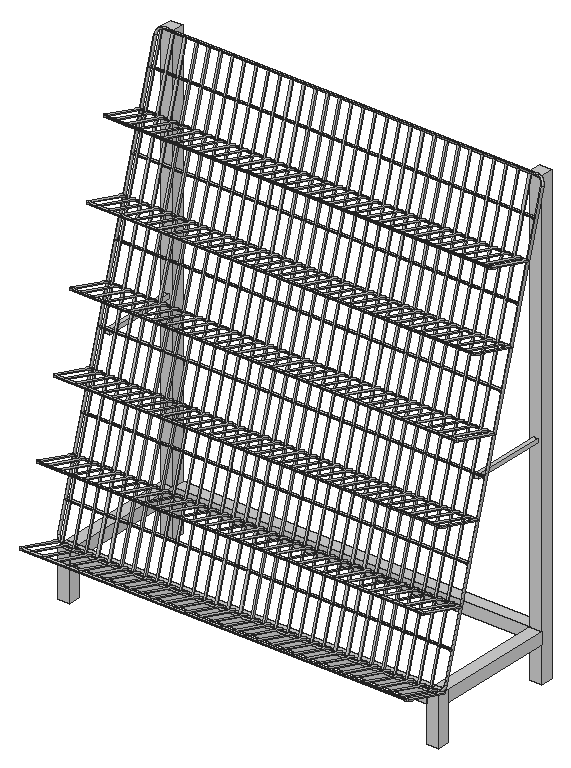
Revit family "DR", category Specialty Equipment, Revit 2012
Parameters (values of type "6-Level Wire DVD Rack (Default)")
  URL = "http://madixinc.com/display/freestanding.html"
  Model = "6-Level Wire DVD Rack"
  Manufacturer = "© 2012 Madix, Inc. All rights reserved."
Reference planes (in)
  plane 1 "Center (Front/Back)": y = 0
  plane 2: z = 0
  plane 3 "Center (Left/Right)": x = 0
  plane 4: y = 11
  plane 5: x = -24
  plane 6: x = 24
  plane 7: y = 9.5
  plane 8: y = -5.34375
  plane 9: x = -22.5
  plane 10: x = 22.5
  plane 11: z = 57.5
  plane 12: z = 6
  plane 13: z = 4.5
  plane 14: y = -6.84375
  plane 15: x = -23.5
  plane 16: x = -23
  plane 17: x = 23.5
  plane 18: x = 23
Forms (in)
  Extrusion 1, solid, material "Metal - Steel"
    sketch origin (0, 0, 0) x (1, 0, 0) y (0, 1, 0)
      loop
        line (-22.5, 11) -> (-22.5, 9.5) -> (22.5, 9.5) -> (22.5, 11) -> (-22.5, 11)
      loop
        line (-22.5, -5.34375) -> (-22.5, -6.84375) -> (22.5, -6.84375) -> (22.5, -5.34375) -> (-22.5, -5.34375)
    from 4.5 to 6
  Extrusion 2, solid, material "Metal - Steel"
    sketch origin (0, 0, 0) x (1, 0, 0) y (0, 1, 0)
      loop
        line (-22.5, 9.5) -> (-24, 9.5) -> (-24, -5.34375) -> (-22.5, -5.34375) -> (-22.5, 9.5)
      loop
        line (22.5, 9.5) -> (22.5, -5.34375) -> (24, -5.34375) -> (24, 9.5) -> (22.5, 9.5)
    from 4.5 to 6
  Extrusion 3, solid, material "Metal - Steel"
    sketch origin (0, 0, 0) x (1, 0, 0) y (0, 1, 0)
      loop
        line (-22.5, 9.5) -> (-22.5, 11) -> (-24, 11) -> (-24, 9.5) -> (-22.5, 9.5)
      loop
        line (22.5, 9.5) -> (24, 9.5) -> (24, 11) -> (22.5, 11) -> (22.5, 9.5)
    from 0 to 57.5
  Extrusion 4, solid, material "Metal - Steel"
    sketch origin (0, 0, 0) x (1, 0, 0) y (0, 1, 0)
      loop
        line (-24, -5.34375) -> (-24, -6.84375) -> (-22.5, -6.84375) -> (-22.5, -5.34375) -> (-24, -5.34375)
      loop
        line (22.5, -5.34375) -> (22.5, -6.84375) -> (24, -6.84375) -> (24, -5.34375) -> (22.5, -5.34375)
    from 0 to 6
  Sweep 5, solid, material "Metal - Steel"
    path origin (-70.56175, -6.38864, 5.98912) x (1, 0, 0) y (0, 0.292372, 0.956305)
      loop
        arc (94, 0) -> (94.70711, 0.29289) -> (95, 1) r 1
        line (95, 1) -> (95, 53)
        arc (95, 53) -> (94.70711, 53.70711) -> (94, 54) r 1
        line (94, 54) -> (47, 54)
        arc (47, 54) -> (46.29289, 53.70711) -> (46, 53) r 1
        line (46, 53) -> (46, 1)
        arc (46, 1) -> (46.29289, 0.29289) -> (47, 0) r 1
        line (47, 0) -> (94, 0)
    profile origin (-0.06175, -6.38864, 5.98912) x (0, -0.292372, -0.956305) y (0, -0.956305, 0.292372)
      loop
        circle (-0.125, 0) r 0.125
  Extrusion 6, solid, material "Metal - Steel"
    sketch origin (-71.49097, -6.37629, 5.98912) x (1, 0, 0) y (0, 0.956305, -0.292372)
      loop
        circle (47.6239, 0) r 0.125
      loop
        circle (49.1239, 0) r 0.125
      loop
        circle (50.6239, 0) r 0.125
      loop
        circle (52.1239, 0) r 0.125
      loop
        circle (55.1239, 0) r 0.125
      loop
        circle (53.6239, 0) r 0.125
      loop
        circle (61.1239, 0) r 0.125
      loop
        circle (59.6239, 0) r 0.125
      loop
        circle (58.1239, 0) r 0.125
      loop
        circle (56.6239, 0) r 0.125
      loop
        circle (73.1239, 0) r 0.125
      loop
        circle (71.6239, 0) r 0.125
      loop
        circle (70.1239, 0) r 0.125
      loop
        circle (67.1239, 0) r 0.125
      loop
        circle (68.6239, 0) r 0.125
      loop
        circle (62.6239, 0) r 0.125
      loop
        circle (64.1239, 0) r 0.125
      loop
        circle (65.6239, 0) r 0.125
      loop
        circle (94.1239, 0) r 0.125
      loop
        circle (91.1239, 0) r 0.125
      loop
        circle (92.6239, 0) r 0.125
      loop
        circle (85.1239, 0) r 0.125
      loop
        circle (86.6239, 0) r 0.125
      loop
        circle (88.1239, 0) r 0.125
      loop
        circle (89.6239, 0) r 0.125
      loop
        circle (76.1239, 0) r 0.125
      loop
        circle (79.1239, 0) r 0.125
      loop
        circle (77.6239, 0) r 0.125
      loop
        circle (83.6239, 0) r 0.125
      loop
        circle (82.1239, 0) r 0.125
      loop
        circle (80.6239, 0) r 0.125
      loop
        circle (74.6239, 0) r 0.125
    from 0.13637 to 53.89287
  Extrusion 7, solid, material "Metal - Steel"
    sketch origin (0, -6.37629, 5.98912) x (0, 0.956305, -0.292372) y (0, 0.292372, 0.956305)
      loop
        circle (0, 27.13637) r 0.125
      loop
        circle (0, 18.13637) r 0.125
      loop
        circle (0, 9.13637) r 0.125
      loop
        circle (0, 36.13637) r 0.125
      loop
        circle (0, 45.13637) r 0.125
      loop
        circle (0, 22.63637) r 0.125
      loop
        circle (0, 13.63637) r 0.125
      loop
        circle (0, 4.63637) r 0.125
      loop
        circle (0, 31.63637) r 0.125
      loop
        circle (0, 40.63637) r 0.125
      loop
        circle (0, 49.63637) r 0.125
    from -24.43275 to 24.31525
  Extrusion 8, solid, material "Metal - Steel"
    sketch origin (0, -6.37629, 5.98912) x (0, 0.956305, -0.292372) y (0, 0.292372, 0.956305)
      loop
        circle (-6, 0.13637) r 0.125
      loop
        circle (-6, 9.13637) r 0.125
      loop
        circle (-6, 18.13637) r 0.125
      loop
        circle (-6, 27.13637) r 0.125
      loop
        circle (-6, 36.13637) r 0.125
      loop
        circle (-6, 45.13637) r 0.125
    from -24.43275 to 24.31525
  Extrusion 9, solid, material "Metal - Steel"
    sketch origin (-70.55773, -6.36531, 6.02505) x (1, 0, 0) y (0, 0.292372, 0.956305)
      loop
        circle (47.3739, 0.13637) r 0.125
      loop
        circle (48.8739, 0.13637) r 0.125
      loop
        circle (50.3739, 0.13637) r 0.125
      loop
        circle (51.8739, 0.13637) r 0.125
      loop
        circle (53.3739, 0.13637) r 0.125
      loop
        circle (54.8739, 0.13637) r 0.125
      loop
        circle (56.3739, 0.13637) r 0.125
      loop
        circle (57.8739, 0.13637) r 0.125
      loop
        circle (59.3739, 0.13637) r 0.125
      loop
        circle (60.8739, 0.13637) r 0.125
      loop
        circle (62.3739, 0.13637) r 0.125
      loop
        circle (63.8739, 0.13637) r 0.125
      loop
        circle (65.3739, 0.13637) r 0.125
      loop
        circle (66.8739, 0.13637) r 0.125
      loop
        circle (68.3739, 0.13637) r 0.125
      loop
        circle (69.8739, 0.13637) r 0.125
      loop
        circle (71.3739, 0.13637) r 0.125
      loop
        circle (72.8739, 0.13637) r 0.125
      loop
        circle (74.3739, 0.13637) r 0.125
      loop
        circle (75.8739, 0.13637) r 0.125
      loop
        circle (77.3739, 0.13637) r 0.125
      loop
        circle (78.8739, 0.13637) r 0.125
      loop
        circle (80.3739, 0.13637) r 0.125
      loop
        circle (81.8739, 0.13637) r 0.125
      loop
        circle (83.3739, 0.13637) r 0.125
      loop
        circle (84.8739, 0.13637) r 0.125
      loop
        circle (86.3739, 0.13637) r 0.125
      loop
        circle (87.8739, 0.13637) r 0.125
      loop
        circle (89.3739, 0.13637) r 0.125
      loop
        circle (90.8739, 0.13637) r 0.125
      loop
        circle (92.3739, 0.13637) r 0.125
      loop
        circle (93.8739, 0.13637) r 0.125
      loop
        circle (47.3739, 9.13637) r 0.125
      loop
        circle (48.8739, 9.13637) r 0.125
      loop
        circle (50.3739, 9.13637) r 0.125
      loop
        circle (51.8739, 9.13637) r 0.125
      loop
        circle (53.3739, 9.13637) r 0.125
      loop
        circle (54.8739, 9.13637) r 0.125
      loop
        circle (56.3739, 9.13637) r 0.125
      loop
        circle (57.8739, 9.13637) r 0.125
      loop
        circle (59.3739, 9.13637) r 0.125
      loop
        circle (60.8739, 9.13637) r 0.125
      loop
        circle (62.3739, 9.13637) r 0.125
      loop
        circle (63.8739, 9.13637) r 0.125
      loop
        circle (65.3739, 9.13637) r 0.125
      loop
        circle (66.8739, 9.13637) r 0.125
      loop
        circle (68.3739, 9.13637) r 0.125
      loop
        circle (69.8739, 9.13637) r 0.125
      loop
        circle (71.3739, 9.13637) r 0.125
      loop
        circle (72.8739, 9.13637) r 0.125
      loop
        circle (74.3739, 9.13637) r 0.125
      loop
        circle (75.8739, 9.13637) r 0.125
      loop
        circle (77.3739, 9.13637) r 0.125
      loop
        circle (78.8739, 9.13637) r 0.125
      loop
        circle (80.3739, 9.13637) r 0.125
      loop
        circle (81.8739, 9.13637) r 0.125
      loop
        circle (83.3739, 9.13637) r 0.125
      loop
        circle (84.8739, 9.13637) r 0.125
      loop
        circle (86.3739, 9.13637) r 0.125
      loop
        circle (87.8739, 9.13637) r 0.125
      loop
        circle (89.3739, 9.13637) r 0.125
      loop
        circle (90.8739, 9.13637) r 0.125
      loop
        circle (92.3739, 9.13637) r 0.125
      loop
        circle (93.8739, 9.13637) r 0.125
      loop
        circle (47.3739, 18.13637) r 0.125
      loop
        circle (48.8739, 18.13637) r 0.125
      loop
        circle (50.3739, 18.13637) r 0.125
      loop
        circle (51.8739, 18.13637) r 0.125
      loop
        circle (53.3739, 18.13637) r 0.125
      loop
        circle (54.8739, 18.13637) r 0.125
      loop
        circle (56.3739, 18.13637) r 0.125
      loop
        circle (57.8739, 18.13637) r 0.125
      loop
        circle (59.3739, 18.13637) r 0.125
      loop
        circle (60.8739, 18.13637) r 0.125
      loop
        circle (62.3739, 18.13637) r 0.125
      loop
        circle (63.8739, 18.13637) r 0.125
      loop
        circle (65.3739, 18.13637) r 0.125
      loop
        circle (66.8739, 18.13637) r 0.125
      loop
        circle (68.3739, 18.13637) r 0.125
      loop
        circle (69.8739, 18.13637) r 0.125
      loop
        circle (71.3739, 18.13637) r 0.125
      loop
        circle (72.8739, 18.13637) r 0.125
      loop
        circle (74.3739, 18.13637) r 0.125
      loop
        circle (75.8739, 18.13637) r 0.125
      loop
        circle (77.3739, 18.13637) r 0.125
      loop
        circle (78.8739, 18.13637) r 0.125
      loop
        circle (80.3739, 18.13637) r 0.125
      loop
        circle (81.8739, 18.13637) r 0.125
      loop
        circle (83.3739, 18.13637) r 0.125
      loop
        circle (84.8739, 18.13637) r 0.125
      loop
        circle (86.3739, 18.13637) r 0.125
      loop
        circle (87.8739, 18.13637) r 0.125
      loop
        circle (89.3739, 18.13637) r 0.125
      loop
        circle (90.8739, 18.13637) r 0.125
      loop
        circle (92.3739, 18.13637) r 0.125
      loop
        circle (93.8739, 18.13637) r 0.125
      loop
        circle (47.3739, 27.13637) r 0.125
      loop
        circle (48.8739, 27.13637) r 0.125
      loop
        circle (50.3739, 27.13637) r 0.125
      loop
        circle (51.8739, 27.13637) r 0.125
      loop
        circle (53.3739, 27.13637) r 0.125
      loop
        circle (54.8739, 27.13637) r 0.125
      loop
        circle (56.3739, 27.13637) r 0.125
      loop
        circle (57.8739, 27.13637) r 0.125
      loop
        circle (59.3739, 27.13637) r 0.125
      loop
        circle (60.8739, 27.13637) r 0.125
      loop
        circle (62.3739, 27.13637) r 0.125
      loop
        circle (63.8739, 27.13637) r 0.125
      loop
        circle (65.3739, 27.13637) r 0.125
      loop
        circle (66.8739, 27.13637) r 0.125
      loop
        circle (68.3739, 27.13637) r 0.125
      loop
        circle (69.8739, 27.13637) r 0.125
      loop
        circle (71.3739, 27.13637) r 0.125
      loop
        circle (72.8739, 27.13637) r 0.125
      loop
        circle (74.3739, 27.13637) r 0.125
      loop
        circle (75.8739, 27.13637) r 0.125
      loop
        circle (77.3739, 27.13637) r 0.125
      loop
        circle (78.8739, 27.13637) r 0.125
      loop
        circle (80.3739, 27.13637) r 0.125
      loop
        circle (81.8739, 27.13637) r 0.125
      loop
        circle (83.3739, 27.13637) r 0.125
      loop
        circle (84.8739, 27.13637) r 0.125
      loop
        circle (86.3739, 27.13637) r 0.125
      loop
        circle (87.8739, 27.13637) r 0.125
      loop
        circle (89.3739, 27.13637) r 0.125
      loop
        circle (90.8739, 27.13637) r 0.125
      loop
        circle (92.3739, 27.13637) r 0.125
      loop
        circle (93.8739, 27.13637) r 0.125
      loop
        circle (47.3739, 36.13637) r 0.125
      loop
        circle (48.8739, 36.13637) r 0.125
      loop
        circle (50.3739, 36.13637) r 0.125
      loop
        circle (51.8739, 36.13637) r 0.125
      loop
        circle (53.3739, 36.13637) r 0.125
      loop
        circle (54.8739, 36.13637) r 0.125
      loop
        circle (56.3739, 36.13637) r 0.125
      loop
        circle (57.8739, 36.13637) r 0.125
      loop
        circle (59.3739, 36.13637) r 0.125
      loop
        circle (60.8739, 36.13637) r 0.125
      loop
        circle (62.3739, 36.13637) r 0.125
      loop
        circle (63.8739, 36.13637) r 0.125
      loop
        circle (65.3739, 36.13637) r 0.125
      loop
        circle (66.8739, 36.13637) r 0.125
      loop
        circle (68.3739, 36.13637) r 0.125
      loop
        circle (69.8739, 36.13637) r 0.125
      loop
        circle (71.3739, 36.13637) r 0.125
      loop
        circle (72.8739, 36.13637) r 0.125
      loop
        circle (74.3739, 36.13637) r 0.125
      loop
        circle (75.8739, 36.13637) r 0.125
      loop
        circle (77.3739, 36.13637) r 0.125
      loop
        circle (78.8739, 36.13637) r 0.125
      loop
        circle (80.3739, 36.13637) r 0.125
      loop
        circle (81.8739, 36.13637) r 0.125
      loop
        circle (83.3739, 36.13637) r 0.125
      loop
        circle (84.8739, 36.13637) r 0.125
      loop
        circle (86.3739, 36.13637) r 0.125
      loop
        circle (87.8739, 36.13637) r 0.125
      loop
        circle (89.3739, 36.13637) r 0.125
      loop
        circle (90.8739, 36.13637) r 0.125
      loop
        circle (92.3739, 36.13637) r 0.125
      loop
        circle (93.8739, 36.13637) r 0.125
      loop
        circle (47.3739, 45.13637) r 0.125
      loop
        circle (48.8739, 45.13637) r 0.125
      loop
        circle (50.3739, 45.13637) r 0.125
      loop
        circle (51.8739, 45.13637) r 0.125
      loop
        circle (53.3739, 45.13637) r 0.125
      loop
        circle (54.8739, 45.13637) r 0.125
      loop
        circle (56.3739, 45.13637) r 0.125
      loop
        circle (57.8739, 45.13637) r 0.125
      loop
        circle (59.3739, 45.13637) r 0.125
      loop
        circle (60.8739, 45.13637) r 0.125
      loop
        circle (62.3739, 45.13637) r 0.125
      loop
        circle (63.8739, 45.13637) r 0.125
      loop
        circle (65.3739, 45.13637) r 0.125
      loop
        circle (66.8739, 45.13637) r 0.125
      loop
        circle (68.3739, 45.13637) r 0.125
      loop
        circle (69.8739, 45.13637) r 0.125
      loop
        circle (71.3739, 45.13637) r 0.125
      loop
        circle (72.8739, 45.13637) r 0.125
      loop
        circle (74.3739, 45.13637) r 0.125
      loop
        circle (75.8739, 45.13637) r 0.125
      loop
        circle (77.3739, 45.13637) r 0.125
      loop
        circle (78.8739, 45.13637) r 0.125
      loop
        circle (80.3739, 45.13637) r 0.125
      loop
        circle (81.8739, 45.13637) r 0.125
      loop
        circle (83.3739, 45.13637) r 0.125
      loop
        circle (84.8739, 45.13637) r 0.125
      loop
        circle (86.3739, 45.13637) r 0.125
      loop
        circle (87.8739, 45.13637) r 0.125
      loop
        circle (89.3739, 45.13637) r 0.125
      loop
        circle (90.8739, 45.13637) r 0.125
      loop
        circle (92.3739, 45.13637) r 0.125
      loop
        circle (93.8739, 45.13637) r 0.125
      loop
        circle (46.11412, 0.13637) r 0.125
      loop
        circle (46.11412, 9.13637) r 0.125
      loop
        circle (46.11412, 18.13637) r 0.125
      loop
        circle (46.11412, 27.13637) r 0.125
      loop
        circle (46.11412, 36.13637) r 0.125
      loop
        circle (46.11412, 45.13637) r 0.125
      loop
        circle (94.87245, 0.13637) r 0.125
      loop
        circle (94.87245, 9.13637) r 0.125
      loop
        circle (94.87245, 18.13637) r 0.125
      loop
        circle (94.87245, 27.13637) r 0.125
      loop
        circle (94.87245, 36.13637) r 0.125
      loop
        circle (94.87245, 45.13637) r 0.125
    from 0 to 5.98291
  Extrusion 10, solid, material "Metal - Steel"
    sketch origin (0, 0, 0) x (0, 1, 0) y (0, 0, 1)
      loop
        line (0.36195, 27.59985) -> (0.20909, 27.09985) -> (9.5, 27.09985) -> (9.5, 27.59985) -> (0.36195, 27.59985)
    from -23.5 to -23
  Extrusion 11, solid, material "Metal - Steel"
    sketch origin (0, 0, 0) x (0, 1, 0) y (0, 0, -1)
      loop
        line (0.36195, -27.59985) -> (9.5, -27.59985) -> (9.5, -27.09985) -> (0.20909, -27.09985) -> (0.36195, -27.59985)
    from -23.5 to -23
Dimensions and locks (in)
  aligned and locked: level to plane 2
